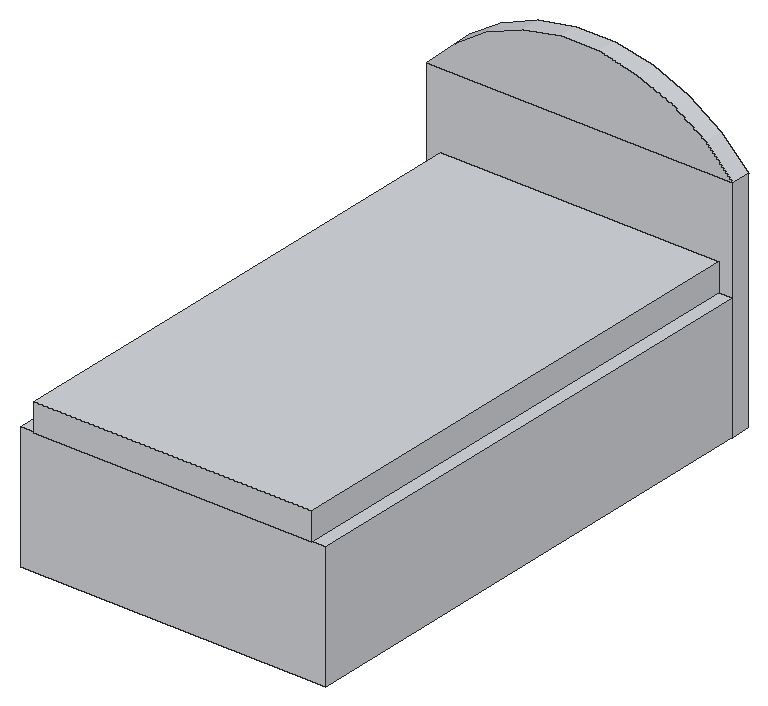
Revit family "BedSingle", category 家具, Revit 2025
Family settings
  OmniClass 编号 = 23.40.20.00
  OmniClass 标题 = General Furniture and Specialties
  基于工作平面 = 否
  视图中启用分割 = 否
  总是垂直 = 是
  载入时剪切的空心 = 否
  渲染外观源 = 族几何图形
  共享 = 否
  房间计算点 = 否
Parameters
  默认高程 = 0 mm
  AI_Width [instance] = 1100 mm
  AI_Height [instance] = 1900 mm
Reference planes
  plane 1 "中心(前/后)": y = 0
  plane 2: z = 0
  plane 3 "中心(左/右)": x = 0
  plane 4: y = 950
  plane 5: y = -950
  plane 6: x = 550
  plane 7: x = -550
  plane 8: x = -500
  plane 9: x = 500
  plane 10: z = 550
  plane 11: z = 1080
Forms (mm)
  Extrusion 1, solid
    sketch origin (0, 0, 0) x (1, 0, 0) y (0, 1, 0)
      loop
        line (-550, 950) -> (-550, -950) -> (550, -950) -> (550, 950) -> (-550, 950)
    from 0 to 450
  Extrusion 2, solid
    sketch origin (0, 0, 0) x (1, 0, 0) y (0, 1, 0)
      loop
        line (-500, 950) -> (-500, -950) -> (500, -950) -> (500, 950) -> (-500, 950)
    from 550 to 450
  Extrusion 3, solid
    sketch origin (-1335.933, 950, 1200) x (-1, 0, 0) y (0, 0, 1)
      loop
        line (-785.933, -380) -> (-1885.933, -380) -> (-1885.933, -1200) -> (-785.933, -1200) -> (-785.933, -380)
    from 0 to -70
  Extrusion 4, solid
    sketch origin (-1335.933, 950, 1200) x (-1, 0, 0) y (0, 0, 1)
      loop
        arc (-785.933, -380) -> (-1335.933, -120) -> (-1885.933, -380) r 711.731
        line (-1885.933, -380) -> (-785.933, -380)
    from 0 to -70
Dimensions and locks
  "AI_Width": plane 7 to plane 6
  "AI_Height": plane 5 to plane 4
  aligned and locked: level to plane 2
  aligned and locked: Extrusion 1 sketch curve to plane 4
  aligned and locked: Extrusion 1 sketch curve to plane 7
  aligned and locked: Extrusion 1 sketch curve to plane 5
  aligned and locked: Extrusion 1 sketch curve to plane 6
  aligned and locked: Extrusion 2 sketch curve to plane 4
  aligned and locked: plane 8 to Extrusion 2 sketch curve
  aligned and locked: Extrusion 2 sketch curve to plane 5
  aligned and locked: plane 9 to Extrusion 2 sketch curve
Automatic sketch dimensions
  Extrusion 3 sketch curve to plane 9 = 50 mm
  Extrusion 3 sketch curve to plane 8 = 50 mm
  Extrusion 3 sketch curve to plane 10 = 550 mm
  Extrusion 3 sketch curve to plane 11 = 260 mm
  Extrusion 4 sketch curve to plane 6 = 0 mm
  Extrusion 4 sketch curve to plane 3 "中心(左/右)" = 0 mm
  Extrusion 4 sketch curve to plane 10 = 181.731 mm
  Extrusion 4 sketch curve to plane 11 = 260 mm
